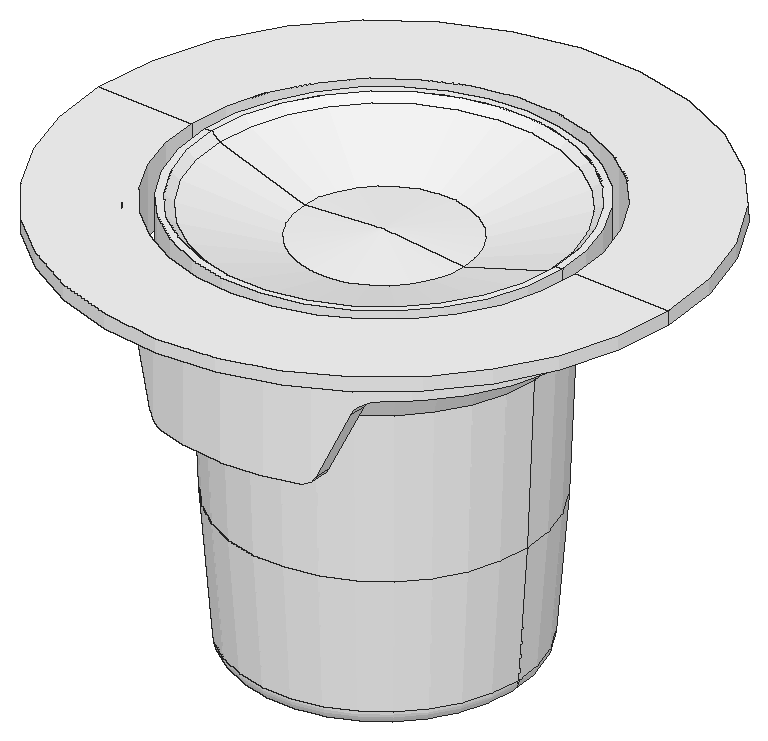
Revit family "5186", category Lighting Fixtures, host Face, Revit 2018
Family settings
  Host = Face
  Round Connector Dimension = Use Diameter
  Part Type = Normal
  OmniClass Number = 23.80.70.00
  OmniClass Title = Lighting
  Cut with Voids When Loaded = No
  Light Source = No
  Shared = No
  Room Calculation Point = No
Parameters (values of type "0005186 START SPOT ALU 760LM 3CCT DIM IP44 BLK")
  Weight = "n/a"
  Wattage Comments = ""
  WarrantyStartDate [instance] = "n/a"
  WarrantyGuarantorParts = "n/a"
  WarrantyDurationUnit = "n/a"
  WarrantyDurationParts = ""
  WarrantyDescription = "http://www.sylvania-lighting.com"
  Voltage = 230 V
  VisibilityTop_FEILO = yes
  URL = "0.9"
  TypeName = "START SPOT ALU 760LM 3CCT DIM IP44 BLK"
  TypeHead_FEILO = Start Spot IP20 Head : 0005184 START SPOT ALU 870LM 3CCT DIM IP44 WHT
  Type Image = <None>
  Type Comments = "n/a"
  TiltAngle_FEILO [instance] = 0.00°
  SerialNumber [instance] = "n/a"
  RadiusOptics_FEILO = 98.5 mm
  RadiusDiffuser_FEILO = 14 mm
  RadiusCutout_FEILO = 36 mm
  Material_3_FEILO = none
  PowerFactor = 0
  PowerConsumption = "Lighting"
  NominalLength = 86 mm
  NominalHeight = 60 mm
  NominalDepth = 86 mm
  Name = "START SPOT ALU 760LM 3CCT DIM IP44 BLK"
  ModelReference = Name  # "START SPOT ALU 760LM 3CCT DIM IP44 BLK"
  ModelNumber = "0005186"
  Model = Name  # "START SPOT ALU 760LM 3CCT DIM IP44 BLK"
  Material = "Feilo Sylvania"
  ManufacturerName = "100 lm/W"
  Manufacturer = ""
  LuminousEfficacy = ""
  LuminaireType = "0"
  LightOutputRatio = "LED"
  LampsType = Lamp  # "n/a"
  LampNominalLuminous = "3000 K"
  LampMacAdamStep = "80"
  LampColourTemperature = "LED"
  LampColourRenderingIndex = "16500"
  Lamp = "n/a"
  Keynote = "n/a"
  InstallationDate [instance] = "n/a"
  InputVoltage = "0"
  InputNominalFrequency = "3000"
  IngressProtection = "IfcLightFixtureType"
  ImpactProtectionIndex = "IfcLightFixtureType"
  IfcExportType = "IfcLightFixtureType"
  IfcExportAs = "Class II"
  HeightBezel_FEILO = 2 mm
  ExpectedLife = 50000
  EndAngle_FEILO [instance] = TiltAngle_FEILO + 180.00°  # 180.00°
  ElectricShockClassification = "100"
  DurationUnit = "hours"
  DocumentationLiterature = "http://www.sylvania-lighting.com/product/en-int/products/0005186"
  DimmingControlOptions = "n/a"
  Material_2_FEILO = LED-Sylvania-StartSpot
  DiameterBezel_FEILO = 86 mm
  Description = "Integrated LED recessed spotlight, vertical tilt 30°, black aluminium bezel finish, dimmable trailing/leading edge, 3-CCT changeable 2700-3000-4000K, 50° degree beam angle, polycarbonate and aluminium body, low profile 62mm recessed depth, IP44 from the front, IK03, loop-in/loop-out terminals for fast wiring, 68-72mm cutout, clear lens. Additional white or gold reflectors  can be ordered as accessory."
  DepthDiffuser_FEILO = 5 mm
  Default Elevation = 1219.2 mm
  CreatedOn = "18/09/2023"
  CreatedBy = "@sylvania-lighting.com"
  Cost = 0
  built-in parameter 1114216 [instance] = (empty or 0)
  ClassificationValue = "EF_70_80"
  ClassificationName = "Uniclass2015"
  Material_1_FEILO = Body-Sylvania-StartSpot-White
  BarCode [instance] = "n/a"
  AssetType = "Fixed"
  AssetIdentifier [instance] = "n/a"
  Assembly Code = "D5020200"
  Apparent Load = 8.7 VA
  Material_4_FEILO = none
Reference planes
  plane 1 "Center (Front/Back)": y = 0
  plane 2: z = 0
  plane 3 "Center (Left/Right)": x = 0
  plane 4: x = -43
  plane 5: x = 43
  plane 6: z = 2
  plane 7: z = -8
  plane 8: z = -10
  plane 9: z = -13.5
  plane 10: z = -36.5
  plane 11: z = -55
  plane 12: z = -67.625
  plane 13: x = -19
  plane 14: x = -21.5
  plane 15: x = -24
  plane 16: x = -26
  plane 17: x = -31
  plane 18: x = -17
  plane 19: z = -20
  plane 20: z = -3
  plane 21: x = -14
  plane 22: x = -29
  plane 23: x = -23
  plane 24: x = -27.2
  plane 25: x = -26
  plane 26: z = 1
  plane 27: z = -2
  plane 28: x = -12
  plane 29: y = 43
  plane 30: y = 43
  plane 31: y = -43
  plane 32: x = 31
  plane 33: x = 12
  plane 34: x = 17
  plane 35: z = -7
  plane 36: x = -36
  plane 37: x = -28.2
Forms (mm)
  Revolve 1, solid, material "Body-Sylvania-StartSpot-White" <- "Material_1_FEILO"
    sketch origin (0, 0, 0) x (1, 0, 0) y (0, 0, 1)
      loop
        line (-29, 2) -> (-43, 2) -> (-43, 0) -> (-31, 0) -> (-31, -20) -> (-29, -20) -> (-29, 2)
      axis (0, 2) -> (0, -20)
    angle from 360 to 0
  Extrusion 2, void
    sketch origin (0, 0, 0) x (1, 0, 0) y (0, 0, 1)
      loop
        line (-31, -8) -> (-31, -20) -> (-10.333, -20)
        arc (-10.333, -20) -> (-11.72, -19.58) -> (-12.641, -18.462) r 2.5
        line (-12.641, -18.462) -> (-16.231, -9.846)
        arc (-16.231, -9.846) -> (-17.336, -8.504) -> (-19, -8) r 3
        line (-19, -8) -> (-31, -8)
      loop
        line (31, -8) -> (19, -8)
        arc (19, -8) -> (17.336, -8.504) -> (16.231, -9.846) r 3
        line (16.231, -9.846) -> (12.513, -18.769)
        arc (12.513, -18.769) -> (11.776, -19.664) -> (10.667, -20) r 2
        line (10.667, -20) -> (31, -20) -> (31, -8)
    from -43 to 43
  Revolve 3, void
    sketch origin (0, 0, 0) x (1, 0, 0) y (0, 0, 1)
      loop
        line (-36, 0) -> (-36, -67.625) -> (0, -67.625) -> (0, 0) -> (-36, 0)
      axis (0, 0) -> (0, -67.625)
    angle from 360 to 0
  Revolve 4, solid, not visible
    sketch origin (0, 0, 0) x (0, 1, 0) y (0, 0, 1)
      loop
        line (0, -13.5) -> (-12.534, -13.5) -> (-12.534, -17.399) -> (0, -17.399) -> (0, -13.5)
      axis (0, -13.5) -> (-12.534, -13.5)
    angle from 0 <- "TiltAngle_FEILO" to 180 <- "EndAngle_FEILO"
Cuts and joins
  Extrusion 2 cuts Revolve 1
Lines and regions (mm)
  reference lines
    curve 1: line (-17, 0, -8) -> (-12, 0, -20)
    curve 2: line (17, 0, -8) -> (12, 0, -20)
Dimensions and locks
  equal spacing: plane 5, plane 3 "Center (Left/Right)", plane 4
  "DiameterBezel_FEILO": plane 5 to plane 4
  "HeightBezel_FEILO": plane 6 to plane 2
  plane 3 "Center (Left/Right)" to plane 13 to plane 14 to plane 15 to plane 16 to plane 17 to plane 4 = 19 mm, 2.5 mm, 2.5 mm, 2 mm, 5 mm, 12 mm
  plane 2 to plane 7 to plane 8 to plane 9 to plane 19 to plane 10 to plane 11 to plane 12 = 8 mm locked, 2 mm locked, 3.5 mm locked, 6.5 mm locked, 16.5 mm locked, 18.5 mm locked, 12.625 mm locked
  "DepthDiffuser_FEILO": plane 6 to plane 20
  "RadiusDiffuser_FEILO": plane 3 "Center (Left/Right)" to plane 21
  locked: plane 22 to plane 17 at 2
  locked: plane 23 to plane 15 at 1
  locked: plane 25 to plane 24 at 1.2
  locked: plane 6 to plane 26 at 1
  locked: plane 27 to plane 20 at 1
  locked: plane 3 "Center (Left/Right)" to plane 28 at 12
  equal spacing: plane 31, plane 1 "Center (Front/Back)", plane 30
  "DiameterBezel_FEILO": plane 31 to plane 30
  locked: plane 32 to plane 3 "Center (Left/Right)" at 31
  locked: plane 33 to plane 3 "Center (Left/Right)" at 12
  locked: plane 34 to plane 3 "Center (Left/Right)" at 17
  locked: plane 6 to plane 35 at 9
  "RadiusCutout_FEILO": plane 3 "Center (Left/Right)" to plane 36
  locked: plane 24 to plane 37 at 1
  aligned and locked: plane 2 to host face
  aligned and locked: level to host face
  aligned and locked: Revolve 1 sketch curve to plane 3 "Center (Left/Right)"
  aligned and locked: Revolve 1 sketch curve to plane 17
  aligned and locked: plane 7 to curve 1
  aligned and locked: plane 18 to curve 1
  aligned and locked: plane 28 to curve 1
  aligned and locked: plane 19 to curve 1
  aligned and locked: plane 7 to Extrusion 2 sketch curve  (x2)
  aligned and locked: curve 1 to Extrusion 2 sketch curve
  aligned and locked: Extrusion 2 sketch curve to Revolve 1
  aligned and locked: plane 7 to curve 2
  aligned and locked: plane 19 to curve 2
  aligned and locked: Extrusion 2 sketch curve to plane 32
  aligned and locked: Extrusion 2 sketch curve to curve 2
  aligned and locked: plane 19 to Extrusion 2 sketch curve
  aligned and locked: Extrusion 2 sketch curve to plane 19
  aligned and locked: Revolve 3 sketch curve to level
  aligned and locked: Revolve 3 sketch curve to plane 3 "Center (Left/Right)"  (x2)
  aligned and locked: plane 36 to Revolve 3 sketch curve
  aligned and locked: plane 25 to plane 16
  aligned and locked: Revolve 1 sketch curve to plane 6
  aligned and locked: Revolve 1 sketch curve to plane 22
  aligned and locked: Revolve 4 sketch curve to plane 9  (x2)
  aligned and locked: Revolve 4 sketch curve to plane 1 "Center (Front/Back)"
  aligned and locked: Revolve 3 sketch curve to plane 12
  aligned and locked: nested 2 to plane 1 "Center (Front/Back)"
Automatic sketch dimensions
  host sketch curve to host sketch curve = 2438.4 mm  (x2)
  curve 2 to plane 33 = 0 mm
  curve 2 to plane 34 = 0 mm
  Extrusion 2 sketch curve to plane 13 = 0 mm
  Extrusion 2 sketch curve to plane 8 = 0.154 mm  (x2)
  Extrusion 2 sketch curve to plane 28 = 0.641 mm
  plane 28 to Extrusion 2 sketch curve = 1.667 mm
  Extrusion 2 sketch curve to plane 33 = 1.333 mm
  plane 33 to Extrusion 2 sketch curve = 0.513 mm
  plane 34 to Extrusion 2 sketch curve = 2 mm
  Revolve 1 sketch curve to plane 4 = 0 mm
  Revolve 1 sketch curve to plane 19 = 0 mm
  Revolve 1 sketch curve to level = 0 mm
  plane 12 to Revolve 1 sketch curve = 551.6 mm
  Revolve 1 sketch curve to plane 6 = 2606.058 mm
  Revolve 4 sketch curve to plane 19 = 2.601 mm
  plane 1 "Center (Front/Back)" to Revolve 4 sketch curve = 12.534 mm
  plane 31 to Revolve 4 sketch curve = 2511.941 mm
  Revolve 4 sketch curve to plane 29 = 2054.409 mm
  plane 12 to Revolve 3 sketch curve = 551.6 mm
  Revolve 3 sketch curve to plane 6 = 2607.058 mm
Nested families
  nested 1: "Start Spot tilt connector" at (0, -6.841, -11.913) x (0, 0, 1) z (1, 0, 0), type "Type Name"
  nested 2: "Start Spot IP20 Head" at (0, 0, -0.013) x (-1, 0, 0) z (0, 0, 1), type <- "TypeHead_FEILO", type "0005184 START SPOT ALU 870LM 3CCT DIM IP44 WHT"
    with built-in parameter 1114216 (empty or 0), Apparent Load 8.7 VA
Connectors
  electrical at (0, 0, 0), driven by "Apparent Load", driven by "PowerFactor", driven by "Voltage"
    settings: index 1, voltage 230 V, apparent load 8.7 VA, apparent load phase1 0 VA, apparent load phase2 0 VA, apparent load phase3 0 VA, power factor 0, load classification "Lighting", number of poles 1, system type 30, power factor state 1, is connector primary yes, connector utility no, sub classification motor no, connector description ""
Definition of nested family "Start Spot IP20 Head"
  Parameters (values of type "0053578 START SPOT LED IP20 4000K 3PK")
    Wattage Comments = ""
    Wattage = 5 W
    built-in parameter 1150110 = 1 (stored number, unit not read)
    VisibilityTop_FEILO = yes
    URL = "http://www.sylvania-lighting.com"
    Type Image = (empty or 0)
    Type Comments = "n/a"
    built-in parameter 1114217 = 1 (stored number, unit not read)
    Tilt Angle = -90.00°
    built-in parameter 1150109 = 1 (stored number, unit not read)
    built-in parameter 1150134 = 12
    built-in parameter 1150113 = 1 (stored number, unit not read)
    RadiusOptics_FEILO = 98.5 mm
    RadiusFilletTop_FEILO = 2.509 mm
    RadiusDiffuser_FEILO = 14 mm
    RadiusCutout_FEILO = 36 mm
    Photometric Web File = "0053544.ies"
    Material_3_FEILO = none
    Model = "START SPOT LED IP20 4000K 3PK"
    Manufacturer = "Feilo Sylvania"
    LuminousEfficacy = "84 lm/W"
    built-in parameter 1150105 = 732.03 (stored number, unit not read)
    Lumens = 420 lm
    built-in parameter 1150115 = 1 (stored number, unit not read)
    LightOutputRatio = "100"
    built-in parameter 1150137 = (empty or 0)
    built-in parameter 1150139 = (empty or 0)
    LampNominalLuminous = "420 lm"
    LampMacAdamStep = "n/a"
    LampColourTemperature = "4000 K"
    LampColourRenderingIndex = "80"
    built-in parameter 1150112 = 1 (stored number, unit not read)
    built-in parameter 1150114 = 1 (stored number, unit not read)
    Lamp = "LED"
    Keynote = "16500"
    built-in parameter 1150132 = (empty or 0)
    built-in parameter 1150102 = (empty or 0)
    built-in parameter 1150107 = 4000 (stored number, unit not read)
    built-in parameter 1150138 = (empty or 0)
    built-in parameter 1150106 = 7.3203 (stored number, unit not read)
    HeightBezel_FEILO = 2 mm
    Emit from Circle Diameter = 24 mm
    Emit Shape Visible in Rendering = no
    built-in parameter 1150104 = 7.8039 (stored number, unit not read)
    Material_2_FEILO = none
    Dimming Lamp Color Temperature Shift = (empty or 0)
    DiameterBezel_FEILO = 86 mm
    Description = "Integrated LED IP20 adjustable downlight, RAL9016, 430LM, 5W, 4000K, 30 degree tilt, 38 degree beam angle, polycarbonate white body, low profile 41mm recessed depth, 86mm bezel diameter, 68-74mm cutout, clear lens."
    DepthDiffuser_FEILO = 5 mm
    Default Elevation = 1219.2 mm
    Cost = 0
    Color Filter = 16777215
    built-in parameter 1114216 [instance] = (empty or 0)
    Material_1_FEILO = none
    built-in parameter 1114218 = 1 (stored number, unit not read)
    built-in parameter 1150133 = 10 (stored number, unit not read)
    Assembly Code = "D5020200"
    Apparent Load = 5 VA
    Material_4_FEILO = none
  Types (7, lengths in mm): name | Wattage | VisibilityTop_FEILO | built-in parameter 1150134 | Photometric Web File | Model | LuminousEfficacy | built-in parameter 1150105 | Lumens | LightOutputRatio | LampNominalLuminous | LampColourTemperature | built-in parameter 1150107 | built-in parameter 1150106 | built-in parameter 1150104 | Description | Apparent Load
    0053578 START SPOT LED IP20 4000K 3PK | 5 W | yes | 12 | "0053544.ies" | "START SPOT LED IP20 4000K 3PK" | "84 lm/W" | 732.03 (stored number, unit not read) | 420 lm | "100" | "420 lm" | "4000 K" | 4000 (stored number, unit not read) | 7.3203 (stored number, unit not read) | 7.8039 (stored number, unit not read) | "Integrated LED IP20 adjustable downlight, RAL9016, 430LM, 5W, 4000K, 30 degree tilt, 38 degree beam angle, polycarbonate white body, low profile 41mm recessed depth, 86mm bezel diameter, 68-74mm cutout, clear lens." | 5 VA
    0053543 START SPOT LED IP20 3000K | 5 W | yes | (empty or 0) | "0053543.ies" | "START SPOT LED IP20 3000K" | "80 lm/W" | 560.2 (stored number, unit not read) | 400 lm | "100" | "400 lm" | "3000 K" | 3000 (stored number, unit not read) | 5.602 (stored number, unit not read) | 7.4322 (stored number, unit not read) | "Integrated LED IP20 adjustable downlight, RAL9016, 400LM, 5W, 3000K, 30 degree tilt, 38 degree beam angle, polycarbonate white body, low profile 41mm recessed depth, 86mm bezel diameter, 68-74mm cutout, clear lens." | 5 VA
    0053544 START SPOT LED IP20 4000K | 5 W | yes | 12 | "0053544.ies" | "START SPOT LED IP20 4000K" | "84 lm/W" | 732.03 (stored number, unit not read) | 420 lm | "100" | "420 lm" | "4000 K" | 4000 (stored number, unit not read) | 7.3203 (stored number, unit not read) | 7.8039 (stored number, unit not read) | "Integrated LED IP20 adjustable downlight, RAL9016, 430LM, 5W, 4000K, 30 degree tilt, 38 degree beam angle, polycarbonate white body, low profile 41mm recessed depth, 86mm bezel diameter, 68-74mm cutout, clear lens." | 5 VA
    0053547 START SPOT LED IP20 6500K | 5 W | no | 1 | "0053547.ies" | "START SPOT LED IP20 6500K" | "84 lm/W" | 866.26 (stored number, unit not read) | 420 lm | "n/a" | "420 lm" | "6500 K" | 6500 (stored number, unit not read) | 8.6626 (stored number, unit not read) | 7.8039 (stored number, unit not read) | "Integrated LED IP20 adjustable downlight, RAL9016, 430LM, 5W, 6500K, 30 degree tilt, 38 degree beam angle, polycarbonate white body, low profile 41mm recessed depth, 86mm bezel diameter, 65-74mm cutout, clear lens" | 5 VA
    0053583 START SPOT LED DIM IP20 3000K | 5.5 W | no | (empty or 0) | "0053583.ies" | "START SPOT LED DIM IP20 3000K" | "73 lm/W" | 853.53 (stored number, unit not read) | 401.5 lm | "n/a" | "400 lm" | "3000 K" | 3000 (stored number, unit not read) | 8.5353 (stored number, unit not read) | 6.7819 (stored number, unit not read) | "Integrated dimmable LED IP20 adjustable downlight, RAL9016, 400LM, 5.5W, 3000K, 30 degree tilt, 38 degree beam angle, polycarbonate white body, low profile 41mm recessed depth, 86mm bezel diameter, 65-74mm cutout, clear lens" | 5.5 VA
    0053584 START SPOT LED DIM IP20 4000K | 5.5 W | no | 12 | "0053584.ies" | "START SPOT LED DIM IP20 4000K" | "76 lm/W" | 855.36 (stored number, unit not read) | 418 lm | "n/a" | "420 lm" | "4000 K" | 4000 (stored number, unit not read) | 8.5536 (stored number, unit not read) | 7.0606 (stored number, unit not read) | "Integrated dimmable LED IP20 adjustable downlight, RAL9016, 430LM, 5.5W, 4000K, 30 degree tilt, 38 degree beam angle, polycarbonate white body, low profile 41mm recessed depth, 86mm bezel diameter, 65-74mm cutout, clear lens" | 5.5 VA
    0053585 START SPOT LED DIM IP20 6500K | 5.5 W | no | 1 | "0053585.ies" | "START SPOT LED DIM IP20 6500K" | "76 lm/W" | 871.62 (stored number, unit not read) | 418 lm | "n/a" | "420 lm" | "6500 K" | 6500 (stored number, unit not read) | 8.7162 (stored number, unit not read) | 7.0606 (stored number, unit not read) | "Integrated dimmable LED IP20 adjustable downlight, RAL9016, 430LM, 5.5W, 6500K, 30 degree tilt, 38 degree beam angle, polycarbonate white body, low profile 41mm recessed depth, 86mm bezel diameter, 65-74mm cutout, clear lens" | 5.5 VA
  Reference planes
    plane 1 "Center (Front/Back)": y = 0
    plane 2: z = 0
    plane 3 "Center (Left/Right)": x = 0
    plane 4: z = 2
    plane 5: z = -9
    plane 6: z = -11
    plane 7: z = -14.5
    plane 8: z = -37.5
    plane 9: z = -56
    plane 10: z = -58
    plane 11: x = -19
    plane 12: x = -20.3
    plane 13: x = -22.8
    plane 14: x = -24.8
    plane 15: z = -21
    plane 16: z = -3
    plane 17: x = -21.8
    plane 18: x = -26
    plane 19: x = -24.8
    plane 20: z = 1
    plane 21: z = -2
    plane 22: x = -12
    plane 23: y = 43
    plane 24: y = 43
    plane 25: y = -43
    plane 26: z = -7
    plane 27: x = -27
  Forms (mm)
    Extrusion 1, solid
      sketch origin (4.2, 0, 0) x (1, 0, 0) y (0, 1, 0)
        loop
          line (-1219.2, 1219.2) -> (-1219.2, -1219.2) -> (1219.2, -1219.2) -> (1219.2, 1219.2) -> (-1219.2, 1219.2)
      from 0 to -68.017
    Revolve 2, solid, material <- "Material_1_FEILO"
      sketch origin (0, 0, 0) x (1, 0, 0) y (0, 0, 1)
        loop
          line (-24.8, -7) -> (-24.8, -11) -> (-22.8, -14.5) -> (-21.8, -37.5) -> (0, -37.5) -> (0, -2)
          arc (0, -2) -> (-6.021, -2.25) -> (-12, -3) r 72.5
          line (-12, -3) -> (-24.8, 1) -> (-26, 2) -> (-27, 2) -> (-27, -7) -> (-24.8, -7)
        axis (0, 2) -> (0, -37.5)
      angle from 360 to 0
    Revolve 3, solid, material <- "Material_1_FEILO", visible <- "VisibilityTop_FEILO"
      sketch origin (0, 0, 0) x (1, 0, 0) y (0, 0, 1)
        loop
          line (0, -37.5) -> (-21.8, -37.5) -> (-20.3, -56)
          arc (-20.3, -56) -> (-19.903, -57.164) -> (-19, -58) r 2.509
          line (-19, -58) -> (0, -58) -> (0, -37.5)
        axis (0, -37.5) -> (0, -58)
      angle from 360 to 0
  Dimensions and locks
    "HeightBezel_FEILO": plane 4 to plane 2
    plane 2 to plane 5 to plane 6 to plane 7 to plane 15 to plane 8 to plane 9 to plane 10 = 9 mm locked, 2 mm locked, 3.5 mm locked, 6.5 mm locked, 16.5 mm locked, 18.5 mm locked, 2 mm locked
    "DepthDiffuser_FEILO": plane 4 to plane 16
    locked: plane 4 to plane 20 at 1
    locked: plane 21 to plane 16 at 1
    equal spacing: plane 25, plane 1 "Center (Front/Back)", plane 24
    "DiameterBezel_FEILO": plane 25 to plane 24
    locked: plane 4 to plane 26 at 9
    locked: plane 3 "Center (Left/Right)" to plane 27 at 27
    plane 11 to plane 12 to plane 17 to plane 13 to plane 19 to plane 18 to plane 27 = 1.3 mm, 1.5 mm locked, 1 mm locked, 2 mm locked, 1.2 mm locked, 1 mm locked
    locked: plane 3 "Center (Left/Right)" to plane 22 at 12
    locked: Revolve 3 sketch curve to plane 10 at 2.203
    locked: plane 3 "Center (Left/Right)" to Revolve 3 sketch curve at 17.8
    "RadiusFilletTop_FEILO": radius of Revolve 3 sketch curve
    aligned and locked: plane 2 to Extrusion 1
    aligned and locked: level to Extrusion 1
    aligned and locked: Revolve 2 sketch curve to plane 3 "Center (Left/Right)"
    aligned and locked: plane 6 to Revolve 2 sketch curve
    aligned and locked: Revolve 2 sketch curve to plane 14
    aligned and locked: plane 7 to Revolve 2 sketch curve
    aligned and locked: plane 17 to Revolve 2 sketch curve
    aligned and locked: plane 8 to Revolve 2 sketch curve
    aligned and locked: plane 3 "Center (Left/Right)" to Revolve 2 sketch curve  (x2)
    aligned and locked: Revolve 3 sketch curve to plane 3 "Center (Left/Right)"
    aligned and locked: plane 3 "Center (Left/Right)" to Revolve 3 sketch curve  (x2)
    aligned and locked: Revolve 3 sketch curve to Revolve 2  (x2)
    aligned and locked: plane 12 to Revolve 3 sketch curve
    aligned and locked: plane 11 to Revolve 3 sketch curve
    aligned and locked: plane 19 to plane 14
    aligned and locked: plane 14 to Revolve 2 sketch curve
    aligned and locked: plane 18 to Revolve 2 sketch curve
    aligned and locked: Revolve 2 sketch curve to plane 4
    aligned and locked: Revolve 2 sketch curve to plane 27
    aligned and locked: plane 26 to Revolve 2 sketch curve
    aligned and locked: plane 3 "Center (Left/Right)" to imposter light
    aligned and locked: imposter light to plane 21
    aligned and locked: plane 21 to Revolve 2 sketch curve
    aligned and locked: plane 22 to Revolve 2 sketch curve
    aligned and locked: plane 16 to Revolve 2 sketch curve
  Automatic sketch dimensions
    Extrusion 1 sketch curve to Extrusion 1 sketch curve = 2438.4 mm  (x2)
    Revolve 2 sketch curve to plane 13 = 0 mm
    Revolve 2 sketch curve to plane 20 = 0 mm
    Revolve 2 sketch curve to Revolve 2 sketch curve = 535.1 mm
    Revolve 2 sketch curve to plane 4 = 2607.058 mm
    plane 10 to Revolve 3 sketch curve = 551.6 mm
    Revolve 3 sketch curve to plane 4 = 2607.058 mm
  Connectors
    electrical at (0, 0, 0), driven by "Apparent Load"
      settings: index 1, voltage 0 V, apparent load 5 VA, apparent load phase1 0 VA, apparent load phase2 0 VA, apparent load phase3 0 VA, power factor 0, load classification none, number of poles 1, system type 30, power factor state 1, is connector primary yes, connector utility no, sub classification motor no, connector description ""
Definition of nested family "Start Spot tilt connector"
  Parameters (values of type "Type Name")
    URL = "http://www.feilosylvania.com"
    Type Image = (empty or 0)
    Type Comments = "n/a"
    Material_3_FEILO = none
    Model = ""
    Manufacturer = "Feilo Sylvania"
    Keynote = ""
    Material_2_FEILO = none
    Description = ""
    Default Elevation = 1219.2 mm
    Cost = 0
    Material_1_FEILO = none
    Assembly Code = ""
    Material_4_FEILO = none
  Reference planes
    plane 1 "Center (Front/Back)": y = 0
    plane 2: z = 0
    plane 3 "Center (Left/Right)": x = 0
    plane 4: x = 11.9
    plane 5: z = 2
    plane 6: x = 13.9
    plane 7: z = 4.937
    plane 8: y = -3
    plane 9: y = 3
  Forms (mm)
    Extrusion 1, solid
      sketch origin (4.2, 0, 0) x (1, 0, 0) y (0, 1, 0)
        loop
          line (-1219.2, 1219.2) -> (-1219.2, -1219.2) -> (1219.2, -1219.2) -> (1219.2, 1219.2) -> (-1219.2, 1219.2)
      from 0 to -68.017
    Extrusion 2, solid, not visible
      sketch origin (0, 0, 0) x (1, 0, 0) y (0, 0, 1)
        loop
          line (0, 0) -> (13.9, 0) -> (13.9, 4.937) -> (11.9, 4.937) -> (11.9, 2) -> (0, 2) -> (0, 0)
      from -3 to 3
  Dimensions and locks
    locked: plane 4 to plane 3 "Center (Left/Right)" at 11.9
    locked: plane 5 to plane 2 at 2
    locked: plane 6 to plane 4 at 2
    locked: plane 7 to plane 5 at 2.938
    plane 8 to plane 1 "Center (Front/Back)" to plane 9 = 3 mm locked, 3 mm locked
    aligned and locked: plane 2 to Extrusion 1
    aligned and locked: level to Extrusion 1
    aligned and locked: Extrusion 2 sketch curve to plane 4
    aligned and locked: plane 6 to Extrusion 2 sketch curve
    aligned and locked: Extrusion 2 sketch curve to plane 5
    aligned and locked: Extrusion 2 to plane 7
    aligned and locked: Extrusion 2 to plane 4
    aligned and locked: plane 8 to Extrusion 2
    aligned and locked: Extrusion 2 to plane 9
